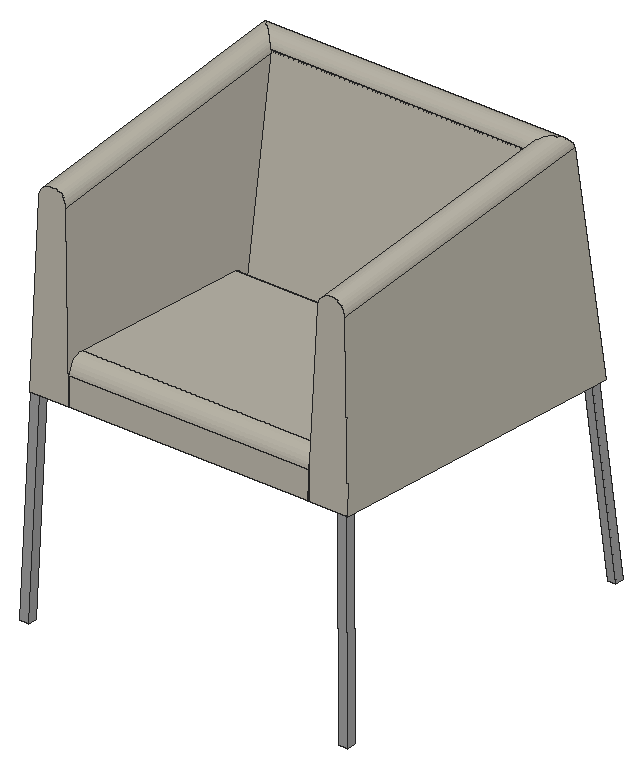
Revit family "Boxer ks 178", category Мебель, Revit 2017
Family settings
  Номер OmniClass = 23.40.20.00
  Заголовок OmniClass = General Furniture and Specialties
  На основе рабочей плоскости = Нет
  Всегда вертикально = Да
  При загрузке вырезать с полостями = Нет
  Общий = Нет
  Точка расчета площади = Нет
Parameters (values of type "F-288")
  URL = "http://file-system.ru/catalog/zdaniya_i_sooruzheniya/interer/mebel/boxer_ks_178_skandiform_kreslo/"
  Комментарии к типоразмеру = "Created by Astacus AB"
  Type = KS-178 : KS-178
  Bench = Skandiform Fabric
  Группа модели = "F288"
  Изготовитель = "Skandiform AB"
  Ключевая пометка = "XBF.3"
  Описание = "Sofa. Base in chrome or silver painted metal"
  Leg = Skandiform Chrome
Types (5, lengths in mm): name | URL | Type | Группа модели | Ключевая пометка
  (no name) | "http://file-system.ru/catalog/zdaniya_i_sooruzheniya/interer/mebel/boxer_ks_178_skandiform_kreslo/" | KS-178 : KS-178 | "F288" | "XBF.3"
  F-288 | "http://file-system.ru/catalog/zdaniya_i_sooruzheniya/interer/mebel/boxer_ks_178_skandiform_kreslo/" | KS-178 : KS-178 | "F288" | "XBF.3"
  KS-178 | "http://www.biminfo.se/?productid=333207" | KS-178 : KS-178 | "KS-178" | "XBF.3"
  SA-289 | "http://www.biminfo.se/?productid=333207" | SA-289 : SA-289 | "SA-289" | "XBF.4"
  SA-290 | "http://www.biminfo.se/?productid=333207" | SA-290 : SA-290 | "SA-290" | "XBF.4"
Reference planes
  plane 1 "Center (Front/Back)": y = 0
  plane 2: z = 0
  plane 3 "Center (Left/Right)": x = 0
Dimensions and locks
  aligned and locked: level to plane 2
Nested families
  nested 1: "KS-178" at (0, 0, 0), type <- "Type", type "KS-178"
Definition of nested family "KS-178"
  Parameters
    Sittbänk = none
    Model = ""
    Manufacturer = ""
    Ben = none
    Assembly Code = ""
  Reference planes
    plane 1 "Center (Front/Back)": y = 0
    plane 2: z = 0
    plane 3 "Center (Left/Right)": x = 0
  Forms (mm)
    Sweep 1, solid, material <- "Sittbänk"
      path origin (0, 79.268, 70.744) x (1, 0, 0) y (0, 0.995399, 0.095816)
        loop
          line (-282.316, -485.659) -> (-286.57, 215.323) -> (287.802, 215.323) -> (283.549, -485.659)
      profile origin (-284.443, -55.279, 57.792) x (-0.999982, -0.00604, -0.000581) y (0, -0.095816, 0.995399)
        loop
          line (-57.688, 643.434) -> (-71.763, 231.875) -> (6.171, 231.875) -> (-8.078, 643.434)
          arc (-8.078, 643.434) -> (-32.883, 668.239) -> (-57.688, 643.434) r 24.805
    Extrusion 2, void
      sketch origin (0, 0, 0) x (0, 1, 0) y (0, 0, 1)
        loop
          line (-302.938, 133.106) -> (-287.936, 750.499) -> (-504.723, 712.273) -> (-433.611, 133.106) -> (-302.938, 133.106)
      from -607.795 to 440.465
    Extrusion 3, void
      sketch origin (0, 0, 0) x (0, 1, 0) y (0, 0, 1)
        loop
          line (321.953, 291.152) -> (321.953, 337.016) -> (-331.344, 369.801) -> (-337.326, 198.496) -> (321.953, 291.152)
      from -642.537 to 637.549
    Extrusion 4, solid, material <- "Sittbänk"
      sketch origin (0, -66.412, 0) x (0, 1, 0) y (0, 0, 1)
        loop
          line (264.635, 343.225) -> (240.834, 728.014)
          arc (240.834, 728.014) -> (240.875, 730.287) -> (241.125, 732.547) r 24.805
          line (241.125, 732.547) -> (161.892, 348.381) -> (264.635, 343.225)
      from -236.376 to 245
    Extrusion 5, solid, material <- "Sittbänk"
      sketch origin (0, 0, 47.386) x (0, 1, 0) y (0, 0, 1)
        loop
          line (-297.228, 320.703) -> (198.249, 295.838) -> (85.572, 367.788)
          arc (85.572, 367.788) -> (83.451, 372.91) -> (78.329, 375.031) r 7.243
          line (78.329, 375.031) -> (-266.339, 398.673)
          arc (-266.339, 398.673) -> (-286.835, 390.473) -> (-296.021, 370.399) r 29.717
          line (-296.021, 370.399) -> (-297.228, 320.703)
      from -215.26 to 216.492
    Extrusion 6, solid, material <- "Ben"
      sketch origin (-0.673, 0, -25.722) x (0, 1, 0) y (-0.034921, 0, -0.99939)
        loop
          line (-281.584, -384.556) -> (-290.539, -15.955) -> (-305.856, -15.955) -> (-296.883, -385.323) -> (-281.584, -384.556)
      from 279.99 to 296.348
    Extrusion 7, solid, material <- "Ben"
      sketch origin (575.145, 0, -9.182) x (0, 1, 0) y (0.02417, 0, -0.999708)
        loop
          line (-281.589, -384.357) -> (-290.527, -16.43) -> (-305.845, -16.43) -> (-296.888, -385.124) -> (-281.589, -384.357)
      from 279.99 to 296.348
    Extrusion 8, solid, material <- "Ben"
      sketch origin (0.125, 0, -8.254) x (0, 1, 0) y (-0.02964, 0, 0.999561)
        loop
          line (297.37, 0) -> (312.915, 0) -> (271.252, 339.56) -> (255.611, 340.345) -> (297.37, 0)
      from 279.842 to 294.81
    Extrusion 9, solid, material <- "Ben"
      sketch origin (-574.536, 0, 8.152) x (0, 1, 0) y (0.028986, 0, 0.99958)
        loop
          line (297.37, 0) -> (312.915, 0) -> (271.252, 339.56) -> (255.611, 340.345) -> (297.37, 0)
      from 279.842 to 294.81
  Cuts and joins
    Extrusion 2 cuts Extrusion 4
    Extrusion 2, Extrusion 3 cuts Sweep 1
  Lines and regions (mm)
    Masking region 1
      outline origin (0, 0, 0) x (1, 0, 0) y (0, 1, 0)
        loop
          line (283.758, -281.92) -> (283.758, 254.121) -> (297.102, 297.844) -> (297.102, 314.063) -> (280.121, 314.063) -> (269.56, 270.341) -> (-268.749, 270.341) -> (-282.092, 314.063) -> (-297.102, 314.063) -> (-297.102, 297.844) -> (-283.758, 254.121) -> (-283.758, -281.92) -> (-292.527, -290.864) -> (-292.527, -306.182) -> (-277.518, -306.182) -> (-268.74, -297.228) -> (268.74, -297.228) -> (277.518, -306.182) -> (292.527, -306.182) -> (292.527, -290.864) -> (283.758, -281.92)
    symbolic lines
      curve 1: arc (-219.072, 86.322, 0) -> (-235.957, 166.685, 0) -> (-283.757, 233.457, 0) r 199.682
      curve 2: line (283.757, 233.457, 0) -> (-283.757, 233.457, 0)
      curve 3: arc (283.757, 233.457, 0) -> (235.957, 166.685, 0) -> (219.072, 86.322, 0) r 199.682
      curve 4: line (219.072, 86.322, 0) -> (-219.072, 86.322, 0)
      curve 5: line (219.072, -297.228, 0) -> (219.072, 86.322, 0)
      curve 6: line (-219.072, 86.322, 0) -> (-219.072, -296.043, 0)
      curve 7: line (-283.758, 270.341, 0) -> (-283.758, 255.611, 0)
      curve 8: line (-268.756, 270.341, 0) -> (-283.758, 270.341, 0)
      curve 9: line (-283.758, 270.341, 0) -> (-297.102, 314.063, 0)
      curve 10: line (-268.734, 255.611, 0) -> (-283.758, 255.611, 0)
      curve 11: line (-268.756, 270.341, 0) -> (-268.734, 255.611, 0)
      curve 12: line (283.758, 270.341, 0) -> (297.102, 314.063, 0)
      curve 13: line (283.758, 270.341, 0) -> (269.778, 270.341, 0)
      curve 14: line (283.758, 255.611, 0) -> (283.758, 270.341, 0)
      curve 15: line (283.758, 255.611, 0) -> (269.756, 255.611, 0)
      curve 16: line (269.756, 255.611, 0) -> (269.778, 270.341, 0)
      curve 17: line (-283.749, -297.228, 0) -> (-292.527, -306.182, 0)
      curve 18: line (-285.865, -297.228, 0) -> (-214.824, -297.228, 0)
      curve 19: line (-283.758, 270.341, 0) -> (-283.758, -297.238, 0)
      curve 20: line (283.758, -297.238, 0) -> (292.527, -306.182, 0)
      curve 21: line (283.758, -297.238, 0) -> (283.758, 270.341, 0)
      curve 22: line (216.056, -297.228, 0) -> (283.758, -297.228, 0)
  Dimensions and locks
    aligned and locked: level to plane 2
